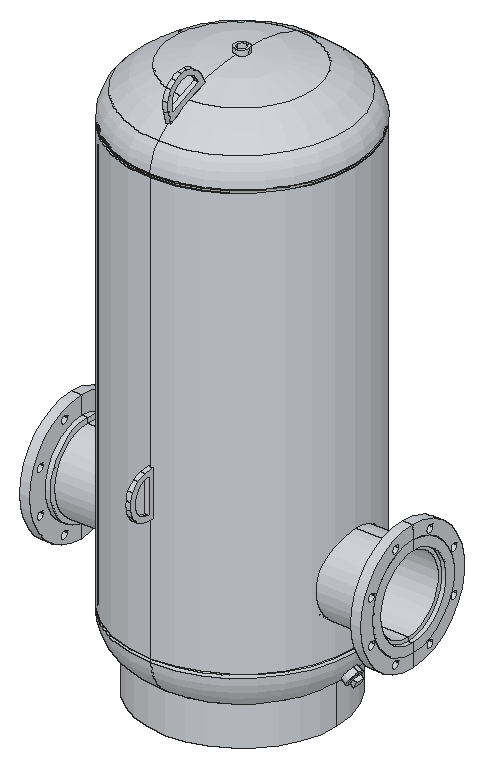
Revit family "CBT-120-8", category Generic Models, Revit 2014
Parameters (values of type "CBT-120-8")
  URL = "http://westank.com/"
  Tank Volume = 120.00 gal
  Shipping Weight = 410.00 lbf
  Part Number = 55240120
  Model = "CBT-120-8"
  Flange Connector Diameter = 8"
  Description = "Wessels ASME Chilled Water Buffer Tanks (CBT) are designed for chilled water systems with insufficient water volume capacity in relation to the chiller capacity."
  D = 15"
  C = 19.99807"
  B = 60"
  A = 24"
Reference planes (in)
  plane 1 "Center (Front/Back)": y = 0
  plane 2: z = 0
  plane 3 "Center (Left/Right)": x = 0
  plane 4: through (12.55282, -180, 5.24135) normal (0.8192, 0, -0.5736)
  plane 5: z = 60
  plane 6: x = -9.99904
  plane 7: x = 9.99904
  plane 8: x = -12
  plane 9: x = 12
  plane 10: y = 12
  plane 11: y = -12
  plane 12: z = 0
  plane 13: z = 15
Forms (in)
  Revolve 1, solid
    sketch origin (0, -0.02461, 0) x (0, 1, 0) y (0, 0, 1)
      loop
        arc (-9.83101, 4.11424) -> (-7.79074, 2.94425) -> (-5.56568, 2.18221) r 12.35166
        arc (-5.56568, 2.18221) -> (-4.72655, 1.99447) -> (-3.88233, 1.83116) r 29.62981
        arc (-3.88233, 1.83116) -> (-1.94875, 1.5746) -> (0, 1.4915) r 21.84895
        line (0, 1.4915) -> (0, 1.65929)
        arc (0, 1.65929) -> (-1.35631, 1.72935) -> (-2.7096, 1.84384) r 41.42336
        arc (-2.7096, 1.84384) -> (-4.29668, 2.07784) -> (-5.85586, 2.45541) r 17.59706
        arc (-5.85586, 2.45541) -> (-7.96801, 3.24984) -> (-9.93425, 4.35719) r 14.74916
        arc (-9.93425, 4.35719) -> (-11.28742, 5.80966) -> (-11.85018, 7.71336) r 4.32984
        arc (-11.85018, 7.71336) -> (-11.81699, 7.79381) -> (-11.76254, 7.86171) r 0.30676
        arc (-11.76254, 7.86171) -> (-11.65716, 8.06319) -> (-11.7003, 8.28643) r 0.3444
        line (-11.7003, 8.28643) -> (-11.83544, 8.28643) -> (-11.83544, 53.23643) -> (-11.67058, 53.23643)
        arc (-11.67058, 53.23643) -> (-11.7113, 53.50997) -> (-11.84324, 53.75302) r 0.7952
        arc (-11.84324, 53.75302) -> (-11.85918, 53.77449) -> (-11.87365, 53.79698) r 0.40051
        arc (-11.87365, 53.79698) -> (-11.59108, 55.14279) -> (-10.81984, 56.28132) r 3.5625
        arc (-10.81984, 56.28132) -> (-9.1367, 57.64322) -> (-7.21479, 58.64022) r 10.74973
        arc (-7.21479, 58.64022) -> (-3.6597, 59.63533) -> (0.02461, 59.8694) r 17.65577
        line (0.02461, 59.8694) -> (0.02461, 60.01952)
        arc (0.02461, 60.01952) -> (-3.68786, 59.78269) -> (-7.2701, 58.77965) r 17.80577
        arc (-7.2701, 58.77965) -> (-9.21883, 57.76874) -> (-10.92545, 56.38783) r 10.89973
        arc (-10.92545, 56.38783) -> (-11.73679, 55.18328) -> (-12.02393, 53.75964) r 3.7125
        arc (-12.02393, 53.75964) -> (-11.99497, 53.70793) -> (-11.96061, 53.65963) r 0.55051
        arc (-11.96061, 53.65963) -> (-11.88074, 53.53057) -> (-11.83322, 53.38643) r 0.6452
        line (-11.83322, 53.38643) -> (-11.97539, 53.38643) -> (-11.97539, 8.13643) -> (-11.80492, 8.13643)
        arc (-11.80492, 8.13643) -> (-11.81524, 8.04663) -> (-11.86505, 7.97121) r 0.1944
        arc (-11.86505, 7.97121) -> (-11.95237, 7.85922) -> (-12.00107, 7.72583) r 0.45676
        arc (-12.00107, 7.72583) -> (-11.36713, 5.64899) -> (-9.83101, 4.11424) r 4.47984
      axis (0.02461, 1.4915) -> (0.02461, 60.01952)
    angle from 0 to 360
  Revolve 2, solid
    sketch origin (0, 0, 0) x (-1, 0, 0) y (0, 0, 1)
      loop
        line (16.24633, 10.64353) -> (16.24633, 10.15552) -> (16.87133, 10.15552) -> (16.87133, 8.24651) -> (17.9375, 8.24651) -> (17.9375, 9.68648) -> (18.00002, 9.68648) -> (18.00002, 10.64353) -> (16.24633, 10.64353)
      axis (18.00002, 15) -> (16.24633, 15)
    angle from 0 to 360
  Revolve 3, solid
    sketch origin (0, 0, 0) x (1, 0, 0) y (0, 0, 1)
      loop
        line (11.71753, 6.11956) -> (11.66586, 6.1556) -> (11.25436, 5.56561) -> (11.86992, 5.13627) -> (12.24588, 5.6753) -> (12.19462, 5.71106) -> (12.31904, 5.88945) -> (11.80641, 6.24699) -> (11.71753, 6.11956)
      axis (11.25436, 5.56561) -> (11.86992, 5.13627)
    angle from 0 to 360
  Extrusion 4, solid
    sketch origin (12.55282, -180, 5.24135) x (0.573576, 0, 0.819152) y (0, -1, 0)
      loop
        line (-0.16036, -179.52645) -> (-0.95521, -179.68698) -> (-0.79485, -180.48095) -> (0, -180.32042) -> (-0.16036, -179.52645)
    from -1.04121 to 0
  Extrusion 5, solid
    sketch origin (0, 0, 0) x (0, 1, 0) y (0, 0, 1)
      loop
        line (-11.93439, 21.33067) -> (-11.93439, 26.202)
        arc (-11.93439, 26.202) -> (-12.47846, 26.15164) -> (-13.01533, 26.05008) r 5.77422
        arc (-13.01533, 26.05008) -> (-13.49297, 25.89754) -> (-13.94252, 25.67548) r 3.35288
        arc (-13.94252, 25.67548) -> (-14.34081, 25.36666) -> (-14.64962, 24.96837) r 2.0073
        arc (-14.64962, 24.96837) -> (-14.80343, 24.58932) -> (-14.88788, 24.18906) r 2.30742
        arc (-14.88788, 24.18906) -> (-14.91277, 23.77188) -> (-14.88788, 23.3547) r 3.50846
        arc (-14.88788, 23.3547) -> (-14.79412, 22.92876) -> (-14.61961, 22.52904) r 2.24053
        arc (-14.61961, 22.52904) -> (-14.27401, 22.08806) -> (-13.80999, 21.77406) r 1.8078
        arc (-13.80999, 21.77406) -> (-13.34321, 21.55591) -> (-12.84107, 21.44044) r 2.44481
        arc (-12.84107, 21.44044) -> (-12.39043, 21.36326) -> (-11.93439, 21.33067) r 4.65484
      loop
        arc (-12.44611, 25.63929) -> (-12.67227, 25.60073) -> (-12.89654, 25.55235) r 5.2625
        arc (-12.89654, 25.55235) -> (-13.30128, 25.42308) -> (-13.68221, 25.23491) r 2.84116
        arc (-13.68221, 25.23491) -> (-13.97364, 25.01013) -> (-14.20134, 24.72098) r 1.49558
        arc (-14.20134, 24.72098) -> (-14.3163, 24.43235) -> (-14.37979, 24.12821) r 1.7957
        arc (-14.37979, 24.12821) -> (-14.40106, 23.77188) -> (-14.37979, 23.41555) r 2.99674
        arc (-14.37979, 23.41555) -> (-14.30745, 23.08689) -> (-14.17279, 22.77846) r 1.72881
        arc (-14.17279, 22.77846) -> (-13.91552, 22.45353) -> (-13.56884, 22.22643) r 1.29608
        arc (-13.56884, 22.22643) -> (-13.1779, 22.0402) -> (-12.75531, 21.94566) r 1.9331
        arc (-12.75531, 21.94566) -> (-12.60126, 21.91347) -> (-12.44611, 21.88716) r 4.14312
        line (-12.44611, 21.88716) -> (-12.44611, 25.63929)
    from -0.24366 to 0.25634
  Extrusion 6, solid
    sketch origin (0, -25.23675, 38.88211) x (0, 0.366501, -0.930418) y (0, 0.930418, 0.366501)
      loop
        line (-11.41103, 21.34851) -> (-11.41103, 26.20181)
        arc (-11.41103, 26.20181) -> (-12.2185, 26.18219) -> (-13.01533, 26.05008) r 5.77422
        arc (-13.01533, 26.05008) -> (-13.49297, 25.89754) -> (-13.94252, 25.67548) r 3.35288
        arc (-13.94252, 25.67548) -> (-14.34081, 25.36666) -> (-14.64962, 24.96837) r 2.0073
        arc (-14.64962, 24.96837) -> (-14.80343, 24.58932) -> (-14.88788, 24.18906) r 2.30742
        arc (-14.88788, 24.18906) -> (-14.91277, 23.77188) -> (-14.88788, 23.3547) r 3.50846
        arc (-14.88788, 23.3547) -> (-14.79412, 22.92876) -> (-14.61961, 22.52904) r 2.24053
        arc (-14.61961, 22.52904) -> (-14.27401, 22.08806) -> (-13.80999, 21.77406) r 1.8078
        arc (-13.80999, 21.77406) -> (-13.34321, 21.55591) -> (-12.84107, 21.44044) r 2.44481
        arc (-12.84107, 21.44044) -> (-12.12961, 21.33911) -> (-11.41103, 21.34851) r 4.65484
      loop
        arc (-12.44611, 25.63929) -> (-12.67227, 25.60073) -> (-12.89654, 25.55235) r 5.2625
        arc (-12.89654, 25.55235) -> (-13.30128, 25.42308) -> (-13.68221, 25.23491) r 2.84116
        arc (-13.68221, 25.23491) -> (-13.97364, 25.01013) -> (-14.20134, 24.72098) r 1.49558
        arc (-14.20134, 24.72098) -> (-14.3163, 24.43235) -> (-14.37979, 24.12821) r 1.7957
        arc (-14.37979, 24.12821) -> (-14.40106, 23.77188) -> (-14.37979, 23.41555) r 2.99674
        arc (-14.37979, 23.41555) -> (-14.30745, 23.08689) -> (-14.17279, 22.77846) r 1.72881
        arc (-14.17279, 22.77846) -> (-13.91552, 22.45353) -> (-13.56884, 22.22643) r 1.29608
        arc (-13.56884, 22.22643) -> (-13.1779, 22.0402) -> (-12.75531, 21.94566) r 1.9331
        arc (-12.75531, 21.94566) -> (-12.60126, 21.91347) -> (-12.44611, 21.88716) r 4.14312
        line (-12.44611, 21.88716) -> (-12.44611, 25.63929)
    from -0.24366 to 0.25634
  Extrusion 7, solid
    sketch origin (0, 0, 0) x (1, 0, 0) y (0, 1, 0)
      loop
        circle (0, 0) r 0.75
      loop
        circle (0, 0) r 0.5
    from 58.5833 to 60.52076
  Extrusion 8, void
    sketch origin (0, 0.13917, 0.41751) x (0, 1, 0) y (0, 0, -1)
      loop
        circle (2.12622, -9.14847) r 0.44334
      loop
        circle (5.29091, -12.33226) r 0.44334
      loop
        circle (5.28528, -16.84334) r 0.44334
      loop
        circle (2.10383, -19.99108) r 0.44334
      loop
        circle (-2.38217, -19.99108) r 0.44334
      loop
        circle (-2.40456, -9.14847) r 0.44334
      loop
        circle (-5.56925, -12.33226) r 0.44334
      loop
        circle (-5.56362, -16.84334) r 0.44334
    from 15.80097 to 18.88976
  Extrusion 9, void
    sketch origin (0, 0, 0) x (1, 0, 0) y (0, 1, 0)
      loop
        circle (0, 0) r 0.5
    from 58.5833 to 62.3834
  Revolve 10, solid
    sketch origin (0, 0, 0) x (1, 0, 0) y (0, 0, 1)
      loop
        line (9.87513, 4.44941) -> (9.87513, 0) -> (10.00001, 0) -> (10.00001, 4.44941) -> (9.87513, 4.44941)
      axis (0, 4.44941) -> (0, 0)
    angle from 0 to 360
  Revolve 11, solid
    sketch origin (0, 0, 0) x (1, 0, 0) y (0, 0, 1)
      loop
        line (-10.49633, 11.0119) -> (-17.50002, 11.0119) -> (-17.50002, 10.68768) -> (-10.49633, 10.68768) -> (-10.49633, 11.0119)
      axis (-17.50002, 15) -> (-10.49633, 15)
    angle from 0 to 360
  Extrusion 12, void
    sketch origin (0, 0, 0) x (0, 1, 0) y (0, 0, 1)
      loop
        circle (0, 15) r 4.35647
    from -18.86806 to 18.76515
  Revolve 13, solid
    sketch origin (0, 0, 0) x (1, 0, 0) y (0, 0, 1)
      loop
        line (16.24633, 10.64353) -> (16.24633, 10.15552) -> (16.87133, 10.15552) -> (16.87133, 8.24651) -> (17.9375, 8.24651) -> (17.9375, 9.68648) -> (18.00002, 9.68648) -> (18.00002, 10.64353) -> (16.24633, 10.64353)
      axis (18.00002, 15) -> (16.24633, 15)
    angle from 0 to 360
  Extrusion 14, void
    sketch origin (0, 0.13917, 0.41751) x (0, 1, 0) y (0, 0, 1)
      loop
        circle (2.12622, 9.14847) r 0.44334
      loop
        circle (5.29091, 12.33226) r 0.44334
      loop
        circle (5.28528, 16.84334) r 0.44334
      loop
        circle (2.10383, 19.99108) r 0.44334
      loop
        circle (-2.38217, 19.99108) r 0.44334
      loop
        circle (-2.40456, 9.14847) r 0.44334
      loop
        circle (-5.56925, 12.33226) r 0.44334
      loop
        circle (-5.56362, 16.84334) r 0.44334
    from 15.80097 to 18.88976
  Revolve 15, solid
    sketch origin (0, 0, 0) x (-1, 0, 0) y (0, 0, 1)
      loop
        line (-10.49633, 11.0119) -> (-17.50002, 11.0119) -> (-17.50002, 10.68768) -> (-10.49633, 10.68768) -> (-10.49633, 11.0119)
      axis (-17.50002, 15) -> (-10.49633, 15)
    angle from 0 to 360
Cuts and joins
  Extrusion 9, Extrusion 12 cuts Revolve 1
  joined: Revolve 1, Extrusion 4, Extrusion 5, Extrusion 6, Extrusion 7, Revolve 10
  Extrusion 8, Extrusion 14 cuts Revolve 2
  Extrusion 14 cuts Revolve 13
Dimensions and locks (in)
  "B": plane 5 to level
  "C": plane 7 to plane 6
  equal spacing: plane 9, plane 3 "Center (Left/Right)", plane 8
  "A": plane 9 to plane 8
  equal spacing: plane 10, plane 1 "Center (Front/Back)", plane 11
  plane 10 to plane 11 = 24"
  "D": plane 13 to level
  aligned and locked: plane 2 to level
  aligned and locked: Revolve 10 sketch curve to plane 3 "Center (Left/Right)"
Automatic sketch dimensions
  Revolve 1 sketch curve to Revolve 1 sketch curve = 0"  (x25)
  Revolve 1 sketch curve to plane 11 = 0"
  Revolve 1 sketch curve to plane 1 "Center (Front/Back)" = 0"  (x2)
  plane 11 to Revolve 1 sketch curve = 0.02253"
  plane 11 to Revolve 1 sketch curve = 0.49009"
  Revolve 1 sketch curve to plane 11 = 0.13996"
  Revolve 1 sketch curve to Revolve 1 sketch curve = 0.14217"
  Revolve 1 sketch curve to Revolve 1 sketch curve = 0.03051"
  Revolve 1 sketch curve to Revolve 1 sketch curve = 0.13514"
  Revolve 1 sketch curve to Revolve 1 sketch curve = 0.16486"
  Revolve 1 sketch curve to plane 11 = 0.42251"
  Revolve 1 sketch curve to plane 11 = 0.44555"
  Revolve 1 sketch curve to Revolve 1 sketch curve = 3.2184"
  Revolve 1 sketch curve to Revolve 1 sketch curve = 4.02572"
  plane 1 "Center (Front/Back)" to Revolve 1 sketch curve = 3.27544"
  Revolve 1 sketch curve to plane 13 = 0.80452"
  plane 1 "Center (Front/Back)" to Revolve 1 sketch curve = 2.71895"
  plane 1 "Center (Front/Back)" to Revolve 1 sketch curve = 1.75935"
  plane 1 "Center (Front/Back)" to Revolve 1 sketch curve = 0.96361"
  plane 1 "Center (Front/Back)" to Revolve 1 sketch curve = 0.72885"
  plane 1 "Center (Front/Back)" to Revolve 1 sketch curve = 0.0691"
  plane 1 "Center (Front/Back)" to Revolve 1 sketch curve = 0.02461"
  Revolve 1 sketch curve to plane 1 "Center (Front/Back)" = 1.29764"
  Revolve 1 sketch curve to plane 1 "Center (Front/Back)" = 1.43376"
  Revolve 1 sketch curve to plane 13 = 6.71357"
  Revolve 1 sketch curve to Revolve 1 sketch curve = 0.15"  (x2)
  Revolve 1 sketch curve to Revolve 1 sketch curve = 0.02331"
  Revolve 1 sketch curve to Revolve 1 sketch curve = 0.33015"
  Revolve 1 sketch curve to Revolve 1 sketch curve = 0.49864"
  level to Revolve 1 sketch curve = 1.65929"
  Revolve 1 sketch curve to Revolve 1 sketch curve = 0.16779"
  plane 13 to Revolve 1 sketch curve = 1.61712"
  Revolve 1 sketch curve to Revolve 1 sketch curve = 2.73447"
  Revolve 1 sketch curve to Revolve 1 sketch curve = 3.98882"
  Revolve 1 sketch curve to Revolve 1 sketch curve = 7.65989"
  Revolve 1 sketch curve to Revolve 1 sketch curve = 11.22838"
  Revolve 1 sketch curve to Revolve 1 sketch curve = 0.8283"
  Revolve 1 sketch curve to Revolve 1 sketch curve = 6.41936"
  Revolve 1 sketch curve to plane 5 = 6.76357"
  Revolve 1 sketch curve to Revolve 1 sketch curve = 0.02147"
  Revolve 1 sketch curve to Revolve 1 sketch curve = 0.5152"
  Revolve 1 sketch curve to Revolve 1 sketch curve = 0.61597"
  Revolve 1 sketch curve to plane 5 = 0.1306"
  plane 5 to Revolve 1 sketch curve = 5/256"
  plane 11 to Revolve 1 sketch curve = 0.02568"
  plane 11 to Revolve 1 sketch curve = 0.04854"
  Revolve 1 sketch curve to Revolve 1 sketch curve = 0.03042"
  Revolve 1 sketch curve to plane 11 = 0.12521"
  Revolve 1 sketch curve to Revolve 1 sketch curve = 0.10324"
  Revolve 1 sketch curve to Revolve 1 sketch curve = 0.27644"
  Revolve 1 sketch curve to Revolve 1 sketch curve = 0.10012"
  Revolve 2 sketch curve to plane 13 = 0"
  plane 8 to Revolve 2 sketch curve = 4.24633"
  Revolve 2 sketch curve to Revolve 2 sketch curve = 5/8"
  Revolve 2 sketch curve to Revolve 2 sketch curve = 1.06617"
  Revolve 2 sketch curve to Revolve 2 sketch curve = 1/16"
  plane 13 to Revolve 2 sketch curve = 4.35647"
  Revolve 2 sketch curve to Revolve 2 sketch curve = 0.48801"
  Revolve 2 sketch curve to Revolve 2 sketch curve = 245/256"
  Revolve 2 sketch curve to Revolve 2 sketch curve = 1.43997"
  plane 8 to Revolve 2 sketch curve = 2 1/16"
  Revolve 2 sketch curve to Revolve 2 sketch curve = 0.68278"
  Revolve 3 sketch curve to plane 9 = 0.74564"
  Revolve 3 sketch curve to plane 9 = 0.33414"
  Revolve 3 sketch curve to Revolve 3 sketch curve = 0.05167"
  Revolve 3 sketch curve to Revolve 3 sketch curve = 0.08888"
  Revolve 3 sketch curve to plane 9 = 0.13008"
  plane 9 to Revolve 3 sketch curve = 0.19462"
  Revolve 3 sketch curve to Revolve 3 sketch curve = 0.05126"
  level to Revolve 3 sketch curve = 5.13627"
  Revolve 3 sketch curve to Revolve 3 sketch curve = 0.42934"
  Revolve 3 sketch curve to Revolve 3 sketch curve = 0.12768"
  Revolve 3 sketch curve to Revolve 3 sketch curve = 0"  (x2)
  Revolve 3 sketch curve to Revolve 3 sketch curve = 0.08905"
  plane 1 "Center (Front/Back)" to Extrusion 4 sketch curve = 0.31302"
  Extrusion 4 sketch curve to plane 1 "Center (Front/Back)" = 0.48095"
  Extrusion 4 sketch curve to Extrusion 4 sketch curve = 0.16036"  (x2)
  plane 1 "Center (Front/Back)" to Extrusion 4 sketch curve = 0.47355"
  Extrusion 4 sketch curve to Extrusion 4 sketch curve = 0.79485"
  Extrusion 4 sketch curve to plane 1 "Center (Front/Back)" = 0.32042"
  Extrusion 5 sketch curve to Extrusion 5 sketch curve = 0"  (x24)
  plane 11 to Extrusion 5 sketch curve = 1.04109"
  Extrusion 5 sketch curve to Extrusion 5 sketch curve = 0.11966"
  Extrusion 5 sketch curve to Extrusion 5 sketch curve = 0.25819"
  Extrusion 5 sketch curve to Extrusion 5 sketch curve = 17/256"
  Extrusion 5 sketch curve to Extrusion 5 sketch curve = 0.04958"
  plane 11 to Extrusion 5 sketch curve = 0.44611"
  plane 11 to Extrusion 5 sketch curve = 0.23696"
  Extrusion 5 sketch curve to plane 11 = 0.06561"
  Extrusion 5 sketch curve to plane 11 = 0.16899"
  Extrusion 5 sketch curve to plane 11 = 0.32516"
  Extrusion 5 sketch curve to plane 11 = 0.59568"
  plane 13 to Extrusion 5 sketch curve = 5.43362"
  Extrusion 5 sketch curve to Extrusion 5 sketch curve = 0.89706"
  Extrusion 5 sketch curve to Extrusion 5 sketch curve = 0.55648"
  Extrusion 5 sketch curve to Extrusion 5 sketch curve = 0.90165"
  Extrusion 5 sketch curve to Extrusion 5 sketch curve = 0.62139"
  Extrusion 5 sketch curve to Extrusion 5 sketch curve = 27/128"
  Extrusion 5 sketch curve to Extrusion 5 sketch curve = 0.15076"
  Extrusion 5 sketch curve to Extrusion 5 sketch curve = 0.24641"
  Extrusion 5 sketch curve to Extrusion 5 sketch curve = 0.04716"
  Extrusion 5 sketch curve to Extrusion 5 sketch curve = 0.0326"
  Extrusion 5 sketch curve to Extrusion 5 sketch curve = 1.7246"
  Extrusion 5 sketch curve to Extrusion 5 sketch curve = 0.34507"
  Extrusion 5 sketch curve to Extrusion 5 sketch curve = 0.21764"
  Extrusion 5 sketch curve to Extrusion 5 sketch curve = 1.12273"
  Extrusion 5 sketch curve to Extrusion 5 sketch curve = 0.78568"
  Extrusion 5 sketch curve to Extrusion 5 sketch curve = 0.24115"
  Extrusion 5 sketch curve to Extrusion 5 sketch curve = 0.2603"
  Extrusion 5 sketch curve to Extrusion 5 sketch curve = 0.60395"
  Extrusion 5 sketch curve to Extrusion 5 sketch curve = 0.51913"
  Extrusion 5 sketch curve to Extrusion 5 sketch curve = 0.44682"
  Extrusion 5 sketch curve to Extrusion 5 sketch curve = 0.44829"
  Extrusion 6 sketch curve to Extrusion 6 sketch curve = 0"  (x24)
  Extrusion 6 sketch curve to plane 5 = 0.40436"
  Extrusion 6 sketch curve to plane 11 = 3.76493"
  Extrusion 6 sketch curve to Extrusion 6 sketch curve = 0.11966"
  Extrusion 6 sketch curve to Extrusion 6 sketch curve = 0.25819"
  Extrusion 6 sketch curve to Extrusion 6 sketch curve = 17/256"
  Extrusion 6 sketch curve to Extrusion 6 sketch curve = 0.04958"
  Extrusion 6 sketch curve to Extrusion 6 sketch curve = 0.59499"
  Extrusion 6 sketch curve to Extrusion 6 sketch curve = 0.20915"
  Extrusion 6 sketch curve to Extrusion 6 sketch curve = 0.6151"
  Extrusion 6 sketch curve to Extrusion 6 sketch curve = 0.77126"
  Extrusion 6 sketch curve to Extrusion 6 sketch curve = 0.41998"
  Extrusion 6 sketch curve to Extrusion 6 sketch curve = 1.14294"
  Extrusion 6 sketch curve to Extrusion 6 sketch curve = 0.62139"
  Extrusion 6 sketch curve to Extrusion 6 sketch curve = 0.90165"
  Extrusion 6 sketch curve to Extrusion 6 sketch curve = 0.53865"
  Extrusion 6 sketch curve to Extrusion 6 sketch curve = 0.91489"
  Extrusion 6 sketch curve to Extrusion 6 sketch curve = 27/128"
  Extrusion 6 sketch curve to Extrusion 6 sketch curve = 0.15076"
  Extrusion 6 sketch curve to Extrusion 6 sketch curve = 0.24641"
  Extrusion 6 sketch curve to Extrusion 6 sketch curve = 0.04716"
  Extrusion 6 sketch curve to Extrusion 6 sketch curve = 0.0326"
  Extrusion 6 sketch curve to Extrusion 6 sketch curve = 1.7246"
  Extrusion 6 sketch curve to Extrusion 6 sketch curve = 0.34507"
  Extrusion 6 sketch curve to Extrusion 6 sketch curve = 0.21744"
  Extrusion 6 sketch curve to Extrusion 6 sketch curve = 1.12273"
  Extrusion 6 sketch curve to Extrusion 6 sketch curve = 0.78568"
  Extrusion 6 sketch curve to Extrusion 6 sketch curve = 0.24115"
  Extrusion 6 sketch curve to Extrusion 6 sketch curve = 0.2603"
  Extrusion 6 sketch curve to Extrusion 6 sketch curve = 0.60395"
  Extrusion 6 sketch curve to Extrusion 6 sketch curve = 0.51913"
  Extrusion 6 sketch curve to Extrusion 6 sketch curve = 0.44682"
  Extrusion 6 sketch curve to Extrusion 6 sketch curve = 0.44829"
  Extrusion 7 sketch curve to Extrusion 7 sketch curve = 0"  (x2)
  plane 1 "Center (Front/Back)" to Extrusion 7 sketch curve = 0"
  Extrusion 7 sketch curve to plane 3 "Center (Left/Right)" = 0"
  Extrusion 8 sketch curve to plane 13 = 2.25024"  (x2)
  plane 1 "Center (Front/Back)" to Extrusion 8 sketch curve = 5.43008"
  Extrusion 8 sketch curve to Extrusion 8 sketch curve = 0.00563"
  plane 1 "Center (Front/Back)" to Extrusion 8 sketch curve = 2.26539"
  plane 1 "Center (Front/Back)" to Extrusion 8 sketch curve = 2.243"
  Extrusion 8 sketch curve to plane 1 "Center (Front/Back)" = 2.243"
  Extrusion 8 sketch curve to plane 1 "Center (Front/Back)" = 2.26539"
  Extrusion 8 sketch curve to Extrusion 8 sketch curve = 3.18145"
  Extrusion 8 sketch curve to Extrusion 8 sketch curve = 3.16469"
  plane 13 to Extrusion 8 sketch curve = 2.26085"  (x2)
  Extrusion 8 sketch curve to Extrusion 8 sketch curve = 3.14773"  (x2)
  Extrusion 8 sketch curve to Extrusion 8 sketch curve = 3.18378"  (x2)
  Extrusion 9 sketch curve to Extrusion 9 sketch curve = 0"  (x2)
  plane 1 "Center (Front/Back)" to Extrusion 9 sketch curve = 0"
  Extrusion 9 sketch curve to plane 3 "Center (Left/Right)" = 0"
  Extrusion 9 sketch curve to plane 3 "Center (Left/Right)" = 1/2"
  Revolve 10 sketch curve to level = 0"
  Revolve 10 sketch curve to plane 7 = 0.12391"
  plane 7 to Revolve 10 sketch curve = 0.00098"
  Revolve 10 sketch curve to Revolve 10 sketch curve = 4.44941"
  level to Revolve 10 sketch curve = 4.69941"
  Revolve 10 sketch curve to Revolve 10 sketch curve = 1"
  Revolve 11 sketch curve to plane 13 = 0"
  Revolve 11 sketch curve to plane 8 = 5 1/2"
  Revolve 11 sketch curve to plane 6 = 0.4973"
  Revolve 11 sketch curve to plane 13 = 3.9881"
  Revolve 11 sketch curve to Revolve 11 sketch curve = 83/256"
  Revolve 11 sketch curve to plane 8 = 0.96816"
  Revolve 11 sketch curve to Revolve 11 sketch curve = 0.36015"
  Revolve 13 sketch curve to plane 13 = 0"
  plane 9 to Revolve 13 sketch curve = 4.24633"
  Revolve 13 sketch curve to Revolve 13 sketch curve = 5/8"
  Revolve 13 sketch curve to Revolve 13 sketch curve = 1.06617"
  Revolve 13 sketch curve to Revolve 13 sketch curve = 1/16"
  Revolve 13 sketch curve to plane 13 = 4.35647"
  Revolve 13 sketch curve to Revolve 13 sketch curve = 0.48801"
  Revolve 13 sketch curve to Revolve 13 sketch curve = 245/256"
  Revolve 13 sketch curve to Revolve 13 sketch curve = 1.43997"
  plane 9 to Revolve 13 sketch curve = 2 1/16"
  Revolve 13 sketch curve to Revolve 13 sketch curve = 0.68278"
  Extrusion 14 sketch curve to plane 13 = 2.25024"  (x2)
  plane 1 "Center (Front/Back)" to Extrusion 14 sketch curve = 5.43008"
  Extrusion 14 sketch curve to Extrusion 14 sketch curve = 0.00563"
  plane 1 "Center (Front/Back)" to Extrusion 14 sketch curve = 2.26539"
  plane 1 "Center (Front/Back)" to Extrusion 14 sketch curve = 2.243"
  Extrusion 14 sketch curve to plane 1 "Center (Front/Back)" = 2.243"
  Extrusion 14 sketch curve to plane 1 "Center (Front/Back)" = 2.26539"
  Extrusion 14 sketch curve to Extrusion 14 sketch curve = 3.18145"
  Extrusion 14 sketch curve to Extrusion 14 sketch curve = 3.16469"
  Extrusion 14 sketch curve to plane 13 = 5.43402"
  Extrusion 14 sketch curve to Extrusion 14 sketch curve = 3.18378"
  plane 13 to Extrusion 14 sketch curve = 2.26085"  (x2)
  Extrusion 14 sketch curve to Extrusion 14 sketch curve = 3.14773"  (x2)
  Revolve 15 sketch curve to plane 13 = 0"
  Revolve 15 sketch curve to plane 9 = 5 1/2"
  Revolve 15 sketch curve to plane 7 = 0.4973"
  plane 13 to Revolve 15 sketch curve = 3.9881"
  Revolve 15 sketch curve to Revolve 15 sketch curve = 83/256"
  Revolve 15 sketch curve to plane 9 = 0.96816"
  Revolve 15 sketch curve to Revolve 15 sketch curve = 0.36015"
  Extrusion 12 sketch curve to plane 1 "Center (Front/Back)" = 0"
  Extrusion 12 sketch curve to plane 13 = 0"
  Extrusion 12 sketch curve to Extrusion 12 sketch curve = 4.35647"
  radius of Extrusion 7 sketch curve = 3/4"
  radius of Extrusion 7 sketch curve = 1/2"
  radius of Extrusion 8 sketch curve = 0.44334"  (x8)
  radius of Extrusion 14 sketch curve = 0.44334"  (x8)
Connectors (in)
  piping at (-18.00002, 0, 15), diameter 8, driven by "Flange Connector Diameter"
    settings: on Revolve 2, index 1, connector inside diameter 24", connector length 0", flow factor 0, pipe flow 0 GPM, pressure drop 0.00 psi, fitting loss kfactor 0, connector angle 0.00°, fixture units 0, engagement length 0", angle of deflection 0.00°, flow configuration 0, flow direction 0, fitting loss method 0, system type 7, joint type 0, gender type 0, connector reference index 2, connector utility 0, adjustable connector no, is connector primary yes, connector description ""
  piping at (18.00002, 0, 15), diameter 8, driven by "Flange Connector Diameter"
    settings: on Revolve 13, index 2, connector inside diameter 24", connector length 0", flow factor 0, pipe flow 0 GPM, pressure drop 0.00 psi, fitting loss kfactor 0, connector angle 0.00°, fixture units 0, engagement length 0", angle of deflection 0.00°, flow configuration 0, flow direction 0, fitting loss method 0, system type 7, joint type 0, gender type 0, connector reference index 1, connector utility 0, adjustable connector no, is connector primary no, connector description ""
